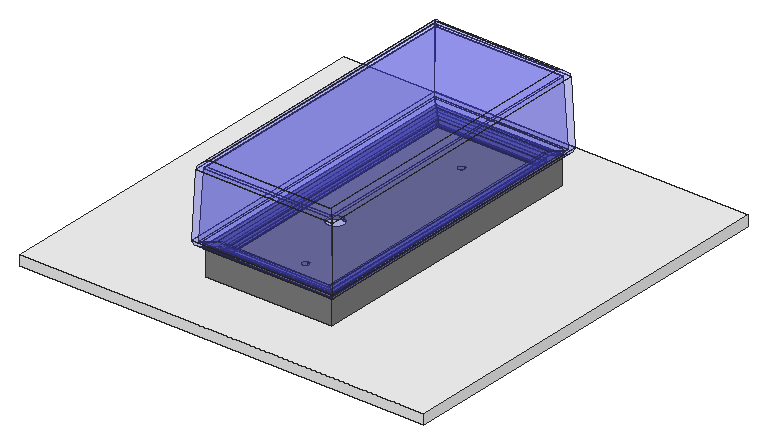
Revit family "BE_24604_de_DE", category Leuchten, Revit 2015
Parameters (values of type "BEGA_24604_Grafit_K3")
  built-in parameter 1150104 = 8.8258 (stored number, unit not read)
  Wattage = 16 W
  Default Elevation = 0 mm
  built-in parameter 1150113 = 1 (stored number, unit not read)
  built-in parameter 1114218 = 1 (stored number, unit not read)
  Umgebungstemperatur = "25 °C"
  URL = "http://www.bega.de/produkt/24604"
  Typenkommentare = "© 2017 BEGA. Wir behalten uns das Recht vor, technische Änderungen ohne vorherige Ankündigung vorzunehmen."  # constant formula
  Type Image = 24604.png
  built-in parameter 1150134 = (empty or 0)
  built-in parameter 1150109 = 1 (stored number, unit not read)
  Strom = ""
  built-in parameter 1150110 = 1 (stored number, unit not read)
  Spannung = 230 V
  Sonderanfertigung = no
  Seriennummer [instance] = "Hier können Sie die eindeutige Seriennummer für das Facility Management eintragen."
  Schutzklasse = "I"
  Schutzart = "IP 44"
  Scheinlast = 0 VA
  Produktdatenblatt = "http://www.bega.de/download/Xrfa/db/24604.db.de.pdf"
  Oberflächentemperatur = ""
  Neigungswinkel = 0.00°
  Modell = "24604"
  Material_17 = BEGA_Reflektor
  Material_15 = BEGA_Leuchtmedium_matt
  Material_11 = BEGA_Glas_opal
  Material_09 = BEGA_Glas_klar
  Material_06 = BEGA_Oberfläche_Edelstahl_gebürstet
  Material_05 = BEGA_Oberfläche_Aluminium Guss
  Material_03 = BEGA_Oberfläche_Weiss_matt
  Material_02 = BEGA_Oberfläche_Silber_matt
  Material_01 [instance] = BEGA_Oberfläche_Grafit_matt
  M_W = no
  M_G = yes
  M_A = no
  Logo = 0
  built-in parameter 1114217 = 1 (stored number, unit not read)
  built-in parameter 1150139 = (empty or 0)
  built-in parameter 1150105 = 120.96 (stored number, unit not read)
  built-in parameter 1150114 = 1 (stored number, unit not read)
  Lumens = 1520 lm
  built-in parameter 1150115 = 1 (stored number, unit not read)
  Leuchtenlichtstrom = "1231 lm"
  Leuchtenanzahl = ""
  Lebensdauerkriterien = "L70B50 @ 25 °C = 62000 h"
  Lastklassifizierung = Beleuchtung
  built-in parameter 1150112 = 1 (stored number, unit not read)
  Lampenlichtstrom = "1520 lm"
  Lampe = "LED 16 W"
  LED_Modulbezeichnung = "2x LED-0662/830"
  built-in parameter 1150142 = (empty or 0)
  Hersteller = "BEGA"  # constant formula
  Halbstreuwinkel = ""
  Gewicht = "1.75 kg"
  Gebrauchslageneinschränkung [instance] = ""
  Frequenz = "50/60 Hz"
  Farbwiedergabeindex = "Ra > 80"
  Farbtemperaturverschiebung bei Dämpfen der Lampe = <Keine Auswahl>
  Farbtemperatur = "3000 K"
  Color Filter = 16777215
  built-in parameter 1150133 = 10 (stored number, unit not read)
  Energieeffizienzklasse = "LED A++ - A"
  built-in parameter 1150137 = (empty or 0)
  built-in parameter 1150132 = (empty or 0)
  ENEC = ""
  Dimmbar [instance] = ""
  Datei für fotometrisches Netz = "BE_24604.IES"
  CE_Konformität = "ja"
  Bestellnummer = "24604"
  Beschreibung_Sonderanfertigung = "Hier können Sie Informationen zur Sonderanfertigung eintragen."
  Beschreibung = "Lichtbaustein ®"
  built-in parameter 1150106 = 1.2096 (stored number, unit not read)
  Befestigungsbohrung = "Ø 6,5 mm"
  Befestigungsabstand = "184 mm"
  Ballwurfsicher = ""
  BEGA_Intern_aus = yes
  BEGA_Intern_an = yes
  BEGA_Intern_Konstruktion = yes
  BEGA_Intern = yes
  BEGA_IES = yes
  BEGA_Dummy = no
  Anschlussleitung = ""
  Anschlussleistung [instance] = "16 W"
  Anschlusskasten = ""
  built-in parameter 1150107 = 3000 (stored number, unit not read)
  built-in parameter 1150102 = (empty or 0)
  built-in parameter 1150138 = (empty or 0)
  Aktualisierung = "2017-07-04T04:09:06"
  Abstand_zur_angestrahlten_Fläche [instance] = ""
  AC/DC = "AC"
Reference planes
  plane 1 "Mitte (Vorne/Hinten)": y = 0
  plane 2: z = 0
  plane 3 "Mitte (Links/Rechts)": x = 0
  plane 4 "Links": x = -69.782
  plane 5 "Rechts": x = 69.782
  plane 6 "Unten": y = -149.781
  plane 7 "Oben": y = 149.781
  plane 8 "Vorne": z = 106.2
  plane 9 "Hinten": z = 0
Forms (mm)
  Extrusion 1, solid, material "BEGA_Platte_Weiss"
    sketch origin (0, -1119.2, 0) x (1, 0, 0) y (0, 1, 0)
      loop
        line (-200, 1319.2) -> (-200, 919.2) -> (200, 919.2) -> (200, 1319.2) -> (-200, 1319.2)
    from 0 to -10
  Extrusion 2, solid, material "BEGA_Dummy_matt", visible <- "BEGA_Dummy"
    sketch origin (80.095, -76.023, 0) x (1, 0, 0) y (0, 1, 0)
      loop
        line (-149.878, 225.804) -> (-149.878, -73.758) -> (-10.313, -73.758) -> (-10.313, 225.804) -> (-149.878, 225.804)
    from 0 to 106.2
Dimensions and locks
  plane 1 "Mitte (Vorne/Hinten)" to Extrusion 1 = 200 mm
  aligned and locked: plane 2 to Extrusion 1
  aligned and locked: level to Extrusion 1
Nested families
  nested 1: "BE_24604" at (0, 0, 0) x (0, -1, 0) z (0, 0, 1), type "BE_24604"
Connectors
  electrical at (0, 0, 0), driven by "Lastklassifizierung", driven by "Spannung", driven by "Scheinlast"
    settings: index 1, voltage 230 V, apparent load 0 VA, apparent load phase1 0 VA, apparent load phase2 0 VA, apparent load phase3 0 VA, power factor 1, load classification "Beleuchtung", number of poles 1, system type 31, power factor state 1, is connector primary yes, connector utility no, sub classification motor no, connector description ""
Definition of nested family "BE_24604"
  Parameters (values of type "BE_24604")
    Default Elevation = 1 mm
    URL = "http://www.bega.de/de/produkt"
    Type Comments = "© 2015 BEGA. Wir behalten uns das Recht vor, technische Änderungen ohne vorherige Ankündigung vorzunehmen. "  # constant formula
    Type Image = (empty or 0)
    Neigungswinkel_um_Z2 = 0.00°
    Neigungswinkel_um_Z1 = 0.00°
    Neigungswinkel_um_Y2 = 0.00°
    Neigungswinkel_um_Y1 = 0.00°
    Neigungswinkel_um_X2 = 0.00°
    Neigungswinkel_um_X1 = 0.00°
    Material_17 = none
    Material_15 = none
    Material_11 = none
    Material_09 = none
    Material_06 = none
    Material_05 = none
    Material_03 = none
    Material_02 = none
    Material_01 = none
    M_W = yes
    M_G = yes
    M_A = yes
    Länge_Platte = 400 mm  # constant formula
    Höhe_Platte = -10 mm  # constant formula
    Manufacturer = "BEGA"  # constant formula
    Drehwinkel_um_Z2 = 0.00°
    Drehwinkel_um_Z1 = 0.00°
    Breite_Platte = 200 mm  # constant formula
  Reference planes
    plane 1 "Mitte (Oben/Unten)": y = 0
    plane 2: z = 0
    plane 3 "Mitte (Links/Rechts)": x = 0
    plane 4: x = -149.781
    plane 5: z = 106.2
    plane 6: x = 149.781
    plane 7: y = 69.782
    plane 8: y = -69.782
  Forms (mm)
    Extrusion 1, solid, detail levels medium
      sketch origin (0, 0, 0) x (1, 0, 0) y (0, 1, 0)
        loop
          line (-200, 100) -> (-200, -100) -> (200, -100) -> (200, 100) -> (-200, 100)
      from 0 to -10 <- "Höhe_Platte"
    Sweep 2, solid, material <- "Material_01", detail levels medium+fine
      path origin (0, 0, 0) x (1, 0, 0) y (0, 1, 0)
        loop
          line (-143.498, 63.5) -> (-143.498, -63.5) -> (143.498, -63.5) -> (143.498, 63.5) -> (-143.498, 63.5)
      profile origin (-143.498, 0, 0) x (1, 0, 0) y (0, 0, 1)
        loop
          line (-0.002, 30) -> (0.024, 28.5) -> (0.993, 28.5) -> (1.429, 3.5) -> (3.031, 3.5) -> (3.223, 14.5) -> (13.998, 14.5) -> (13.998, 16.7) -> (3.23, 16.7) -> (2.998, 30) -> (-0.002, 30)
    Extrusion 3, solid, material <- "Material_01", detail levels medium+fine
      sketch origin (0, 0, 0) x (1, 0, 0) y (0, 0, 1)
        loop
          line (-129.5, 16.7) -> (-129.5, 14.5) -> (131.567, 14.5) -> (131.567, 16.7) -> (-129.5, 16.7)
      from -49.502 to 49.502
    Sweep 4, solid, material <- "Material_11", detail levels medium+fine
      path origin (0, 0, 0) x (1, 0, 0) y (0, 1, 0)
        loop
          line (-142.505, -62.507) -> (142.505, -62.507) -> (142.505, 62.507) -> (-142.505, 62.507) -> (-142.505, -62.507)
      profile origin (-142.505, 0, 0) x (-1, 0, 0) y (0, 0, 1)
        loop
          line (7.272, 36.285) -> (5.09, 98.77)
          arc (5.09, 98.77) -> (2.744, 104.039) -> (-2.605, 106.2) r 7.699
          line (-2.605, 106.2) -> (-33, 106.2) -> (-33, 100.9) -> (-0.436, 100.9)
          arc (-0.436, 100.9) -> (0.607, 100.478) -> (1.064, 99.45) r 1.5
          line (1.064, 99.45) -> (3.313, 35.031)
          arc (3.313, 35.031) -> (3.068, 34.377) -> (2.43, 34.096) r 0.9
          line (2.43, 34.096) -> (-6.864, 33.934)
          arc (-6.864, 33.934) -> (-11.036, 32.139) -> (-12.755, 27.935) r 6
          line (-12.755, 27.935) -> (-12.755, 21.598)
          arc (-12.755, 21.598) -> (-12.549, 20.989) -> (-12.014, 20.632) r 1
          line (-12.014, 20.632) -> (-10.491, 20.224)
          arc (-10.491, 20.224) -> (-9.96, 19.866) -> (-9.755, 19.26) r 1
          line (-9.755, 19.26) -> (-9.755, 17.9) -> (-5.755, 17.9) -> (-5.755, 23.096) -> (-8.009, 23.7)
          arc (-8.009, 23.7) -> (-8.547, 24.056) -> (-8.755, 24.667) r 1
          line (-8.755, 24.667) -> (-8.755, 27.935)
          arc (-8.755, 27.935) -> (-8.182, 29.336) -> (-6.79, 29.934) r 2
          line (-6.79, 29.934) -> (1.385, 30.077)
          arc (1.385, 30.077) -> (5.629, 31.948) -> (7.272, 36.285) r 6
    Extrusion 5, solid, material <- "Material_11", detail levels medium+fine
      sketch origin (0, 0, 0) x (0, 1, 0) y (0, 0, 1)
        loop
          line (-29.507, 106.2) -> (-29.507, 101) -> (29.507, 101) -> (29.507, 106.2) -> (-29.507, 106.2)
      from -109.505 to 109.505
    Extrusion 6, void
      sketch origin (0, 0, 0) x (1, 0, 0) y (0, 1, 0)
        loop
          circle (29.5, -24.101) r 8.5
        loop
          circle (96.5, -0.101) r 3.25
        loop
          circle (-96.5, -0.101) r 3.264
      from 0 to 20
    Revolve 7, solid, material <- "Material_01", detail levels medium+fine
      sketch origin (0, 52.5, 0) x (1, 0, 0) y (0, 0, 1)
        loop
          line (-136.926, 13.58) -> (-136, 2) -> (-133.5, 2) -> (-131.5, 0) -> (-131.5, 14.5) -> (-137.923, 14.5)
          arc (-137.923, 14.5) -> (-137.245, 14.235) -> (-136.926, 13.58) r 1
        axis (-131.5, 0) -> (-131.5, 14.5)
      angle from 0 to 360
    Revolve 8, solid, material <- "Material_01", detail levels medium+fine
      sketch origin (0, -52.5, 0) x (1, 0, 0) y (0, 0, -1)
        loop
          arc (-136.926, -13.58) -> (-137.245, -14.235) -> (-137.923, -14.5) r 1
          line (-137.923, -14.5) -> (-131.5, -14.5) -> (-131.5, 0) -> (-133.5, -2) -> (-136, -2) -> (-136.926, -13.58)
        axis (-131.5, 0) -> (-131.5, -14.5)
      angle from 0 to 360
    Revolve 9, solid, material <- "Material_01", detail levels medium+fine
      sketch origin (0, 52.5, 0) x (-1, 0, 0) y (0, 0, -1)
        loop
          arc (-136.926, -13.58) -> (-137.245, -14.235) -> (-137.923, -14.5) r 1
          line (-137.923, -14.5) -> (-131.5, -14.5) -> (-131.5, 0) -> (-133.5, -2) -> (-136, -2) -> (-136.926, -13.58)
        axis (-131.5, 0) -> (-131.5, -14.5)
      angle from 0 to 360
    Revolve 10, solid, material <- "Material_01", detail levels medium+fine
      sketch origin (0, -52.5, 0) x (-1, 0, 0) y (0, 0, 1)
        loop
          line (-136.926, 13.58) -> (-136, 2) -> (-133.5, 2) -> (-131.5, 0) -> (-131.5, 14.5) -> (-137.923, 14.5)
          arc (-137.923, 14.5) -> (-137.245, 14.235) -> (-136.926, 13.58) r 1
        axis (-131.5, 0) -> (-131.5, 14.5)
      angle from 0 to 360
  Cuts and joins
    Extrusion 6 cuts Sweep 2
    Extrusion 6 cuts Extrusion 3
    joined: Sweep 2, Extrusion 3, Revolve 7, Revolve 8, Revolve 9, Revolve 10
    joined: Sweep 4, Extrusion 5
  Dimensions and locks
    equal spacing: Extrusion 1 sketch curve, plane 3 "Mitte (Links/Rechts)", Extrusion 1 sketch curve
    equal spacing: Extrusion 1 sketch curve, plane 1 "Mitte (Oben/Unten)", Extrusion 1 sketch curve
    "Länge_Platte": Extrusion 1 sketch curve to Extrusion 1 sketch curve
    "Breite_Platte": Extrusion 1 sketch curve to Extrusion 1 sketch curve
    aligned and locked: Extrusion 1 to plane 2
    aligned and locked: level to Extrusion 1
  Automatic sketch dimensions
    profile plane to Sweep 2 sketch curve = 0.002 mm
    Sweep 2 sketch curve to profile plane = 0.024 mm
    Sweep 2 sketch curve to Sweep 2 sketch curve = 0.969 mm
    Sweep 2 sketch curve to profile plane = 1.429 mm
    Sweep 2 sketch curve to Sweep 2 sketch curve = 2.005 mm
    Sweep 2 sketch curve to Sweep 2 sketch curve = 1.602 mm
    Sweep 2 sketch curve to profile plane = 3.223 mm
    Sweep 2 sketch curve to Sweep 2 sketch curve = 0.007 mm
    Sweep 2 sketch curve to Sweep 2 sketch curve = 10.768 mm
    level to Sweep 2 sketch curve = 3.5 mm
    Sweep 2 sketch curve to Sweep 2 sketch curve = 11 mm
    Sweep 2 sketch curve to Sweep 2 sketch curve = 2.2 mm
    Sweep 2 sketch curve to Sweep 2 sketch curve = 11.8 mm
    Sweep 2 sketch curve to Sweep 2 sketch curve = 1.5 mm
    level to Extrusion 3 sketch curve = 14.5 mm
    Extrusion 3 sketch curve to Extrusion 3 sketch curve = 2.2 mm
    plane 1 "Mitte (Oben/Unten)" to Extrusion 5 sketch curve = 29.507 mm
    Extrusion 5 sketch curve to plane 1 "Mitte (Oben/Unten)" = 29.507 mm
    plane 1 "Mitte (Oben/Unten)" to Extrusion 6 sketch curve = 0.101 mm  (x2)
    plane 3 "Mitte (Links/Rechts)" to Extrusion 6 sketch curve = 29.5 mm
    plane 1 "Mitte (Oben/Unten)" to Extrusion 6 sketch curve = 24.101 mm
    Revolve 7 sketch curve to level = 0 mm
    level to Revolve 7 sketch curve = 2 mm
    Revolve 7 sketch curve to Revolve 7 sketch curve = 2.5 mm
    Revolve 7 sketch curve to Revolve 7 sketch curve = 2 mm  (x2)
    Revolve 7 sketch curve to Revolve 7 sketch curve = 11.5 mm
    Revolve 7 sketch curve to Revolve 7 sketch curve = 1 mm
    Revolve 7 sketch curve to Revolve 7 sketch curve = 0 mm  (x4)
    Revolve 7 sketch curve to Revolve 7 sketch curve = 0.997 mm
    Revolve 7 sketch curve to Revolve 7 sketch curve = 0.08 mm
    Revolve 7 sketch curve to Revolve 7 sketch curve = 1.08 mm
    Revolve 8 sketch curve to level = 0 mm
    level to Revolve 8 sketch curve = 2 mm
    Revolve 8 sketch curve to Revolve 8 sketch curve = 2.5 mm
    Revolve 8 sketch curve to Revolve 8 sketch curve = 2 mm  (x2)
    Revolve 8 sketch curve to Revolve 8 sketch curve = 11.5 mm
    Revolve 8 sketch curve to Revolve 8 sketch curve = 1 mm
    Revolve 8 sketch curve to Revolve 8 sketch curve = 0 mm  (x4)
    Revolve 8 sketch curve to Revolve 8 sketch curve = 0.997 mm
    Revolve 8 sketch curve to Revolve 8 sketch curve = 0.08 mm
    Revolve 8 sketch curve to Revolve 8 sketch curve = 1.08 mm
    Revolve 9 sketch curve to level = 0 mm
    level to Revolve 9 sketch curve = 2 mm
    Revolve 9 sketch curve to Revolve 9 sketch curve = 2.5 mm
    Revolve 9 sketch curve to Revolve 9 sketch curve = 2 mm  (x2)
    Revolve 9 sketch curve to Revolve 9 sketch curve = 11.5 mm
    Revolve 9 sketch curve to Revolve 9 sketch curve = 1 mm
    Revolve 9 sketch curve to Revolve 9 sketch curve = 0 mm  (x4)
    Revolve 9 sketch curve to Revolve 9 sketch curve = 0.997 mm
    Revolve 9 sketch curve to Revolve 9 sketch curve = 0.08 mm
    Revolve 9 sketch curve to Revolve 9 sketch curve = 1.08 mm
    Revolve 10 sketch curve to level = 0 mm
    level to Revolve 10 sketch curve = 2 mm
    Revolve 10 sketch curve to Revolve 10 sketch curve = 2.5 mm
    Revolve 10 sketch curve to Revolve 10 sketch curve = 2 mm  (x2)
    Revolve 10 sketch curve to Revolve 10 sketch curve = 11.5 mm
    Revolve 10 sketch curve to Revolve 10 sketch curve = 1 mm
    Revolve 10 sketch curve to Revolve 10 sketch curve = 0 mm  (x4)
    Revolve 10 sketch curve to Revolve 10 sketch curve = 0.997 mm
    Revolve 10 sketch curve to Revolve 10 sketch curve = 0.08 mm
    Revolve 10 sketch curve to Revolve 10 sketch curve = 1.08 mm
    Sweep 4 sketch curve to Sweep 4 sketch curve = 0 mm  (x8)
    profile plane to Sweep 4 sketch curve = 33 mm
    profile plane to Sweep 4 sketch curve = 12.755 mm
    Sweep 4 sketch curve to Sweep 4 sketch curve = 1 mm  (x4)
    Sweep 4 sketch curve to Sweep 4 sketch curve = 0.264 mm
    Sweep 4 sketch curve to Sweep 4 sketch curve = 3 mm
    Sweep 4 sketch curve to Sweep 4 sketch curve = 0.746 mm
    Sweep 4 sketch curve to Sweep 4 sketch curve = 1.892 mm
    Sweep 4 sketch curve to Sweep 4 sketch curve = 1.965 mm
    Sweep 4 sketch curve to Sweep 4 sketch curve = 0.035 mm  (x2)
    Sweep 4 sketch curve to Sweep 4 sketch curve = 4 mm
    profile plane to Sweep 4 sketch curve = 2.605 mm
    profile plane to Sweep 4 sketch curve = 0.436 mm
    Sweep 4 sketch curve to profile plane = 1.064 mm
    Sweep 4 sketch curve to profile plane = 1.275 mm
    Sweep 4 sketch curve to profile plane = 1.385 mm
    Sweep 4 sketch curve to Sweep 4 sketch curve = 1.138 mm
    Sweep 4 sketch curve to Sweep 4 sketch curve = 0.899 mm  (x2)
    Sweep 4 sketch curve to Sweep 4 sketch curve = 4.026 mm
    level to Sweep 4 sketch curve = 17.9 mm
    Sweep 4 sketch curve to Sweep 4 sketch curve = 1.36 mm
    Sweep 4 sketch curve to Sweep 4 sketch curve = 1.374 mm
    Sweep 4 sketch curve to Sweep 4 sketch curve = 5.196 mm
    Sweep 4 sketch curve to Sweep 4 sketch curve = 0.604 mm
    Sweep 4 sketch curve to Sweep 4 sketch curve = 3.267 mm
    Sweep 4 sketch curve to Sweep 4 sketch curve = 0.143 mm
    Sweep 4 sketch curve to Sweep 4 sketch curve = 4.919 mm
    Sweep 4 sketch curve to Sweep 4 sketch curve = 1.08 mm
    Sweep 4 sketch curve to Sweep 4 sketch curve = 62.425 mm
    Sweep 4 sketch curve to Sweep 4 sketch curve = 0.269 mm
    Sweep 4 sketch curve to Sweep 4 sketch curve = 0.05 mm
    Sweep 4 sketch curve to Sweep 4 sketch curve = 0.259 mm
    Sweep 4 sketch curve to Sweep 4 sketch curve = 0.016 mm
    Sweep 4 sketch curve to Sweep 4 sketch curve = 3.959 mm
    Sweep 2 sketch curve to plane 3 "Mitte (Links/Rechts)" = 143.498 mm
    Extrusion 3 sketch curve to plane 3 "Mitte (Links/Rechts)" = 129.5 mm
    Sweep 4 sketch curve to plane 3 "Mitte (Links/Rechts)" = 142.505 mm
    Extrusion 6 sketch curve to plane 3 "Mitte (Links/Rechts)" = 96.5 mm
    Revolve 7 sketch curve to plane 3 "Mitte (Links/Rechts)" = 137.923 mm
    Revolve 7 sketch curve to Revolve 7 sketch curve = 0.926 mm
    Revolve 8 sketch curve to plane 3 "Mitte (Links/Rechts)" = 137.923 mm
    Revolve 8 sketch curve to Revolve 8 sketch curve = 0.926 mm
    plane 3 "Mitte (Links/Rechts)" to Sweep 2 sketch curve = 143.498 mm
    plane 3 "Mitte (Links/Rechts)" to Extrusion 3 sketch curve = 131.567 mm
    plane 3 "Mitte (Links/Rechts)" to Sweep 4 sketch curve = 142.505 mm
    Extrusion 6 sketch curve to Extrusion 6 sketch curve = 67 mm
    plane 3 "Mitte (Links/Rechts)" to Revolve 9 sketch curve = 137.923 mm
    Revolve 9 sketch curve to Revolve 9 sketch curve = 0.926 mm
    plane 3 "Mitte (Links/Rechts)" to Revolve 10 sketch curve = 137.923 mm
    Revolve 10 sketch curve to Revolve 10 sketch curve = 0.926 mm
    level to Extrusion 5 sketch curve = 101 mm
    Extrusion 5 sketch curve to Extrusion 5 sketch curve = 5.2 mm
    plane 1 "Mitte (Oben/Unten)" to Sweep 2 sketch curve = 63.5 mm
    plane 1 "Mitte (Oben/Unten)" to Sweep 4 sketch curve = 62.507 mm
    Sweep 2 sketch curve to plane 1 "Mitte (Oben/Unten)" = 63.5 mm
    Sweep 4 sketch curve to plane 1 "Mitte (Oben/Unten)" = 62.507 mm
    radius of Extrusion 6 sketch curve = 8.5 mm
    radius of Extrusion 6 sketch curve = 3.25 mm
    radius of Extrusion 6 sketch curve = 3.264 mm
